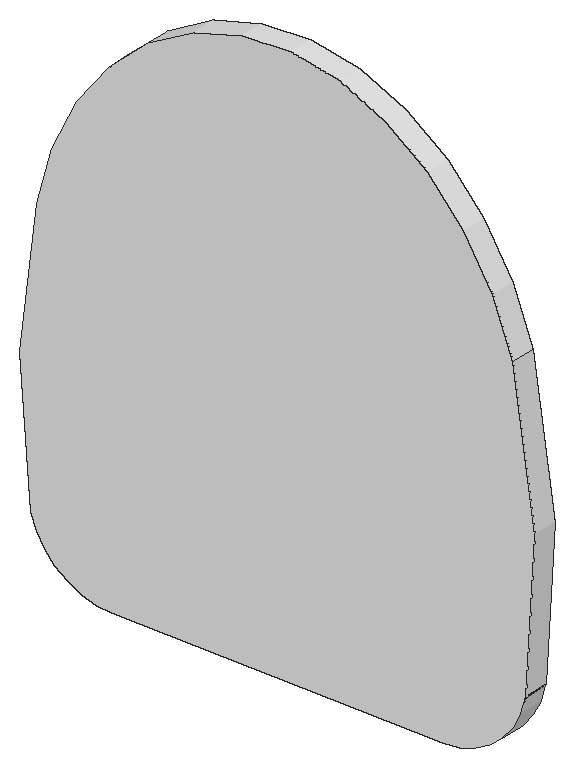
Revit family "Deca_Bacia Sanitária Monte Carlo_P.808_Caixa Acoplada(1)", category Plumbing Fixtures, host Face, Revit 2010
Parameters (values of type "AP.80_Branco Gelo GE17")
  Vendido Separadamente = ""
  Variações de COR = "Branco (AP.80.17), Creme (AP.80.37), Azul (AP.80.51), Verde (AP.80.60), Cinza (AP.80.87)"
  URL = "www.deca.com.br/produtos"
  Segmento = "Médio"
  Produto = "Assento Plástico para linha Monte Carlo"
  Peso Liquido (Kg) = 1.41
  Norma = "Não se Aplica"
  Criado por = "Contino/quattroD"  # constant formula
  Assento Não = no
  Model = "AP.80.17"
  Material = "Deca_Polipropileno"
  Manufacturer = "Deca"
  Louça/Metais = "Louça"
  Linha = "Monte Carlo"
  Informações Complementares = ""
  Description = "Assento Plástico para linha Monte Carlo"
  Código = "AP.80.17"
  Atendimento ao Cliente = "0800-0117073"
  Assento 3D = yes
  Assento = Deca GE17 Branco Gelo Plástico
  Assembly Code = "D2010100"
  Aprovado por = "Contino/quattroD"  # constant formula
  Acompanha o Produto = ""
  AP.81.810 = no
  AP.80 = yes
Types (15, lengths in mm): name | Variações de COR | URL | Segmento | Produto | Peso Liquido (Kg) | Norma | Assento Não | Model | Material | Manufacturer | Louça/Metais | Linha | Description | Código | Atendimento ao Cliente | Assento 3D | Assento | Assembly Code | AP.81.810 | AP.80
  Assento Não | "" | 0 | "" | "" | 0 | "" | yes | "" | "" | 0 | "" | "" | "" | "" | "" | no | none | 0 | no | no
  AP.80_Branco Gelo GE17 | "Branco (AP.80.17), Creme (AP.80.37), Azul (AP.80.51), Verde (AP.80.60), Cinza (AP.80.87)" | "www.deca.com.br/produtos" | "Médio" | "Assento Plástico para linha Monte Carlo" | 1.41 | "Não se Aplica" | no | "AP.80.17" | "Deca_Polipropileno" | "Deca" | "Louça" | "Monte Carlo" | "Assento Plástico para linha Monte Carlo" | "AP.80.17" | "0800-0117073" | yes | Deca GE17 Branco Gelo Plástico | "D2010100" | no | yes
  AP.80_Creme CR37 | "Branco (AP.80.17), Creme (AP.80.37), Azul (AP.80.51), Verde (AP.80.60), Cinza (AP.80.87)" | "www.deca.com.br/produtos" | "Médio" | "Assento Plástico para linha Monte Carlo" | 1.41 | "Não se Aplica" | no | "AP.80.37" | "Deca_Polipropileno" | "Deca" | "Louça" | "Monte Carlo" | "Assento Plástico para linha Monte Carlo" | "AP.80.37" | "0800-0117073" | yes | Deca CR37 Creme Plástico | "D2010100" | no | yes
  AP.80_Cinza Real CZ87 | "Branco (AP.80.17), Creme (AP.80.37), Azul (AP.80.51), Verde (AP.80.60), Cinza (AP.80.87)" | "www.deca.com.br/produtos" | "Médio" | "Assento Plástico para linha Monte Carlo" | 1.41 | "Não se Aplica" | no | "AP.80.87" | "Deca_Polipropileno" | "Deca" | "Louça" | "Monte Carlo" | "Assento Plástico para linha Monte Carlo" | "AP.80.87" | "0800-0117073" | yes | Deca CZ87 Cinza Real Plástico | "D2010100" | no | yes
  AP.80_Azul AZ51 | "Branco (AP.80.17), Creme (AP.80.37), Azul (AP.80.51), Verde (AP.80.60), Cinza (AP.80.87)" | "www.deca.com.br/produtos" | "Médio" | "Assento Plástico para linha Monte Carlo" | 1.41 | "Não se Aplica" | no | "AP.80.51" | "Deca_Polipropileno" | "Deca" | "Louça" | "Monte Carlo" | "Assento Plástico para linha Monte Carlo" | "AP.80.51" | "0800-0117073" | yes | Deca AZ51 Azul Plástico | "D2010100" | no | yes
  AP.80_Verde Malva VD60 | "Branco (AP.80.17), Creme (AP.80.37), Azul (AP.80.51), Verde (AP.80.60), Cinza (AP.80.87)" | "www.deca.com.br/produtos" | "Médio" | "Assento Plástico para linha Monte Carlo" | 1.41 | "Não se Aplica" | no | "AP.80.60" | "Deca_Polipropileno" | "Deca" | "Louça" | "Monte Carlo" | "Assento Plástico para linha Monte Carlo" | "AP.80.60" | "0800-0117073" | yes | Deca VD60 Verde Malva Plástico | "D2010100" | no | yes
  AP.81_Branco Gelo GE17 | "Branco (AP.81.17), Creme (AP.81.37), Cinza (AP.81.87), Ébano (AP.81.95)" | "www.deca.com.br/produtos" | "Médio" | "Assento de Poliester pala linha Monte Carlo - Fixação Cromada" | 3.8 | "Não se Aplica" | no | "AP.81.17" | "Deca_Poliéster e latão cromado" | "Deca" | "Louça" | "Monte Carlo" | "Assento de Poliester pala linha Monte Carlo - Fixação Cromada" | "AP.81.17" | "0800-0117073" | yes | Deca GE17 Branco Gelo Poliéster | "D2010100" | yes | no
  AP.81_Cinza Real CZ87 | "Branco (AP.81.17), Creme (AP.81.37), Cinza (AP.81.87), Ébano (AP.81.95)" | "www.deca.com.br/produtos" | "Médio" | "Assento de Poliester pala linha Monte Carlo - Fixação Cromada" | 3.8 | "Não se Aplica" | no | "AP.81.87" | "Deca_Poliéster e latão cromado" | "Deca" | "Louça" | "Monte Carlo" | "Assento de Poliester pala linha Monte Carlo - Fixação Cromada" | "AP.81.87" | "0800-0117073" | yes | Deca CZ87 Cinza Real Poliéster | "D2010100" | yes | no
  AP.81_Creme CR37 | "Branco (AP.81.17), Creme (AP.81.37), Cinza (AP.81.87), Ébano (AP.81.95)" | "www.deca.com.br/produtos" | "Médio" | "Assento de Poliester pala linha Monte Carlo - Fixação Cromada" | 3.8 | "Não se Aplica" | no | "AP.81.37" | "Deca_Poliéster e latão cromado" | "Deca" | "Louça" | "Monte Carlo" | "Assento de Poliester pala linha Monte Carlo - Fixação Cromada" | "AP.81.37" | "0800-0117073" | yes | Deca CR37 Creme Poliéster | "D2010100" | yes | no
  AP.81_Ébano EB95 | "Branco (AP.81.17), Creme (AP.81.37), Cinza (AP.81.87), Ébano (AP.81.95)" | "www.deca.com.br/produtos" | "Médio" | "Assento de Poliester pala linha Monte Carlo - Fixação Cromada" | 3.8 | "Não se Aplica" | no | "AP.81.95" | "Deca_Poliéster e latão cromado" | "Deca" | "Louça" | "Monte Carlo" | "Assento de Poliester pala linha Monte Carlo - Fixação Cromada" | "AP.81.95" | "0800-0117073" | yes | Deca EB95 Ébano Poliéster | "D2010100" | yes | no
  AP.810_Cinza real CZ87 | "Branco (AP.810.17), Creme (AP.810.37), Cinza (AP.810.87), Ébano (AP.810.95)" | "www.deca.com.br/produtos" | "Médio" | "Assento de Poliester para linha Monte Carlo - Fixação Dourada" | 3.8 | "Não se Aplica" | no | "AP.810.87" | "Deca_Poliéster e latão dourado" | "Deca" | "Louça" | "Monte Carlo" | "Assento de Poliester para linha Monte Carlo - Fixação Dourada" | "AP.810.87" | "0800-0117073" | yes | Deca CZ87 Cinza Real Poliéster | "D2010100" | yes | no
  AP.810_Creme CR37 | "Branco (AP.810.17), Creme (AP.810.37), Cinza (AP.810.87), Ébano (AP.810.95)" | "www.deca.com.br/produtos" | "Médio" | "Assento de Poliester para linha Monte Carlo - Fixação Dourada" | 3.8 | "Não se Aplica" | no | "AP.810.37" | "Deca_Poliéster e latão dourado" | "Deca" | "Louça" | "Monte Carlo" | "Assento de Poliester para linha Monte Carlo - Fixação Dourada" | "AP.810.37" | "0800-0117073" | yes | Deca CR37 Creme Poliéster | "D2010100" | yes | no
  AP.810_Ébano EB95 | "Branco (AP.810.17), Creme (AP.810.37), Cinza (AP.810.87), Ébano (AP.810.95)" | "www.deca.com.br/produtos" | "Médio" | "Assento de Poliester para linha Monte Carlo - Fixação Dourada" | 3.8 | "Não se Aplica" | no | "AP.810.95" | "Deca_Poliéster e latão dourado" | "Deca" | "Louça" | "Monte Carlo" | "Assento de Poliester para linha Monte Carlo - Fixação Dourada" | "AP.810.95" | "0800-0117073" | yes | Deca EB95 Ébano Poliéster | "D2010100" | yes | no
  AP.810_Branco Gelo GE17 | "Branco (AP.810.17), Creme (AP.810.37), Cinza (AP.810.87), Ébano (AP.810.95)" | "www.deca.com.br/produtos" | "Médio" | "Assento de Poliester para linha Monte Carlo - Fixação Dourada" | 3.8 | "Não se Aplica" | no | "AP.810.17" | "Deca_Poliéster e latão dourado" | "Deca" | "Louça" | "Monte Carlo" | "Assento de Poliester para linha Monte Carlo - Fixação Dourada" | "AP.810.17" | "0800-0117073" | yes | Deca GE17 Branco Gelo Poliéster | "D2010100" | yes | no
  AP.81_Cinza Real CZ51 | "Branco (AP.81.17), Creme (AP.81.37), Cinza (AP.81.87), Ébano (AP.81.95)" | "www.deca.com.br/produtos" | "Médio" | "Assento de Poliester pala linha Monte Carlo - Fixação Cromada" | 3.8 | "Não se Aplica" | no | "AP.81.87" | "Deca_Poliéster e latão cromado" | "Deca" | "Louça" | "Monte Carlo" | "Assento de Poliester pala linha Monte Carlo - Fixação Cromada" | "AP.81.87" | "0800-0117073" | yes | Deca CZ87 Cinza Real Poliéster | "D2010100" | yes | no
Reference planes
  plane 1 "Center (Front/Back)": y = 0
  plane 2: z = 0
  plane 3 "Center (Left/Right)": x = 0
  plane 4: x = 0
Forms (mm)
  Extrusion 1, solid, material "Deca GE17 Branco Gelo Plástico" <- "Assento", visible <- "Assento 3D"
    sketch origin (0, -387.066, -206.814) x (1, 0, 0) y (0, 0, 1)
      loop
        arc (189.274, 287.484) -> (196.182, 400.671) -> (179.581, 512.846) r 546.466
        spline (179.581, 512.846) -> (162.779, 556.42) -> (138.403, 594.733) -> (107.593, 625.995) -> (71.788, 648.746) -> (32.661, 661.922) -> (-7.962, 664.909) -> (-48.182, 657.566) -> (-86.12, 640.238) -> (-120.004, 613.732) -> (-148.251, 579.288) -> (-169.542, 538.515) -> (-182.882, 493.317)
        arc (-182.882, 493.317) -> (-195.262, 387.738) -> (-186.968, 281.76) r 546.466
        arc (-186.968, 281.76) -> (-164.278, 247.553) -> (-125.423, 234.314) r 63.64
        line (-125.423, 234.314) -> (126.36, 234.314)
        arc (126.36, 234.314) -> (167.502, 249.401) -> (189.137, 287.507) r 63.64
    from -397.066 to -415.916
Lines and regions (mm)
  Masking region 1, visible <- "AP.80"
    outline origin (0, -380, -172.18) x (0, 1, 0) y (0, 0, 1)
      loop
        line (387.142, 618.829) -> (387.142, 188.143) -> (380, 188.143) -> (380, 156.216) -> (391.783, 156.216) -> (391.783, 180.039) -> (400.602, 185.988)
        arc (400.602, 185.988) -> (420.874, 194.048) -> (430.076, 213.829) r 29.522
        line (430.076, 213.829) -> (430.076, 390.898)
        arc (430.076, 390.898) -> (428.458, 499.913) -> (424.37, 608.864) r 4812.615
        arc (424.37, 608.864) -> (419.167, 614.03) -> (412.017, 615.656) r 13.311
        line (412.017, 615.656) -> (412.017, 209.879) -> (407.35, 216.303) -> (407.35, 611.072)
        arc (407.35, 611.072) -> (398.031, 616.995) -> (387.142, 618.829) r 27.842
  Masking region 2, visible <- "AP.81.810"
    outline origin (0, -380, -216.435) x (0, 1, 0) y (0, 0, 1)
      loop
        line (390, 660.912) -> (390, 292.643) -> (385, 292.643) -> (385, 256.973)
        arc (385, 256.973) -> (386.944, 248.174) -> (392.416, 241.014) r 20.88
        arc (392.416, 241.014) -> (384.4, 234.532) -> (380, 225.21) r 23.113
        line (380, 225.21) -> (380, 203.833) -> (385, 203.833) -> (385, 214.037) -> (388.17, 214.037) -> (388.17, 209.871) -> (396.161, 209.871) -> (396.161, 222.999) -> (388.17, 222.999) -> (388.17, 218.833) -> (385, 218.833) -> (385, 224.634)
        arc (385, 224.634) -> (388.875, 232.102) -> (395.706, 237.014) r 18.113
        arc (395.706, 237.014) -> (406.073, 245.01) -> (410, 257.5) r 21.827
        line (410, 257.5) -> (417.556, 257.5)
        arc (417.556, 257.5) -> (422.82, 259.68) -> (425, 264.944) r 7.444
        line (425, 264.944) -> (425, 653.469)
        arc (425, 653.469) -> (422.82, 658.732) -> (417.556, 660.912) r 7.444
        line (417.556, 660.912) -> (410, 660.912) -> (410, 292.643) -> (405, 292.643) -> (405, 653.469)
        arc (405, 653.469) -> (402.82, 658.732) -> (397.556, 660.912) r 7.444
        line (397.556, 660.912) -> (390, 660.912)
      loop
        arc (397.492, 243.489) -> (403.005, 249.552) -> (405, 257.5) r 16.827
        line (405, 257.5) -> (405, 264.944)
        arc (405, 264.944) -> (402.82, 259.68) -> (397.556, 257.5) r 7.444
        line (397.556, 257.5) -> (390.009, 257.5)
        arc (390.009, 257.5) -> (391.873, 249.492) -> (397.492, 243.489) r 15.88
  Masking region 3, visible <- "AP.80"
    outline origin (-995.363, 0, 30.407) x (1, 0, 0) y (0, 0, 1)
      loop
        arc (1069.541, 400.804) -> (1112.338, 378.202) -> (1137.87, 337.086) r 92.53
        arc (1137.87, 337.086) -> (1167.892, 222.553) -> (1174.732, 104.348) r 597.308
        arc (1174.732, 104.348) -> (1172.251, 69.38) -> (1167.724, 34.617) r 597.308
        arc (1167.724, 34.617) -> (1142.37, -6.672) -> (1095.267, -18.025) r 63.443
        line (1095.267, -18.025) -> (1086.598, -18.025) -> (1086.598, -45.187)
        arc (1086.598, -45.187) -> (1086.486, -46.11) -> (1085.663, -46.542) r 1
        line (1085.663, -46.542) -> (1055.063, -46.542)
        arc (1055.063, -46.542) -> (1054.356, -46.249) -> (1054.063, -45.542) r 1
        line (1054.063, -45.542) -> (1054.063, -16.142)
        arc (1054.063, -16.142) -> (1054.356, -15.435) -> (1055.063, -15.142) r 1
        line (1055.063, -15.142) -> (1060.863, -15.142) -> (1060.863, -10.255) -> (995.363, -10.255) -> (929.863, -10.255) -> (929.863, -15.142) -> (935.663, -15.142)
        arc (935.663, -15.142) -> (936.371, -15.435) -> (936.663, -16.142) r 1
        line (936.663, -16.142) -> (936.663, -45.542)
        arc (936.663, -45.542) -> (936.371, -46.249) -> (935.663, -46.542) r 1
        line (935.663, -46.542) -> (905.063, -46.542)
        arc (905.063, -46.542) -> (904.24, -46.11) -> (904.128, -45.187) r 1
        line (904.128, -45.187) -> (904.128, -18.025) -> (895.46, -18.025)
        arc (895.46, -18.025) -> (848.356, -6.672) -> (823.003, 34.617) r 63.443
        arc (823.003, 34.617) -> (818.475, 69.38) -> (815.995, 104.348) r 597.308
        arc (815.995, 104.348) -> (822.835, 222.553) -> (852.857, 337.086) r 597.308
        arc (852.857, 337.086) -> (878.389, 378.202) -> (921.186, 400.804) r 92.53
        arc (921.186, 400.804) -> (995.428, 409.052) -> (1069.67, 400.804) r 338.269
  Masking region 4, visible <- "AP.81.810"
    outline origin (-964.607, 0, -608.085) x (1, 0, 0) y (0, 0, 1)
      loop
        arc (866.693, 627.688) -> (866.302, 627.85) -> (866.14, 628.241) r 0.553
        line (866.14, 628.241) -> (866.14, 630.185) -> (864.697, 630.185)
        arc (864.697, 630.185) -> (864.191, 630.323) -> (863.824, 630.697) r 1
        arc (863.824, 630.697) -> (862.94, 634.085) -> (863.824, 637.474) r 6.938
        arc (863.824, 637.474) -> (864.191, 637.848) -> (864.697, 637.985) r 1
        line (864.697, 637.985) -> (866.14, 637.985) -> (866.14, 649.254) -> (858.556, 649.247)
        arc (858.556, 649.247) -> (810.594, 664.044) -> (787.694, 708.708) r 64.615
        arc (787.694, 708.708) -> (792.729, 850.621) -> (828.704, 987.99) r 644.816
        arc (828.704, 987.99) -> (851.254, 1021.117) -> (886.214, 1040.705) r 87.441
        arc (886.214, 1040.705) -> (925.289, 1049.019) -> (965.14, 1051.808) r 286.08
        arc (965.14, 1051.808) -> (1004.992, 1049.019) -> (1044.066, 1040.705) r 286.08
        arc (1044.066, 1040.705) -> (1079.027, 1021.117) -> (1101.577, 987.99) r 87.441
        arc (1101.577, 987.99) -> (1137.552, 850.621) -> (1142.587, 708.708) r 644.816
        arc (1142.587, 708.708) -> (1123.395, 667.577) -> (1081.783, 649.45) r 64.133
        line (1081.783, 649.45) -> (1064.098, 649.254) -> (1064.098, 637.985) -> (1065.542, 637.985)
        arc (1065.542, 637.985) -> (1066.048, 637.848) -> (1066.415, 637.474) r 1
        arc (1066.415, 637.474) -> (1067.298, 634.085) -> (1066.415, 630.697) r 6.938
        arc (1066.415, 630.697) -> (1066.048, 630.323) -> (1065.542, 630.185) r 1
        line (1065.542, 630.185) -> (1064.098, 630.185) -> (1064.098, 628.241)
        arc (1064.098, 628.241) -> (1063.937, 627.85) -> (1063.546, 627.688) r 0.553
      loop
        line (1063.598, 627.685) -> (1050.598, 627.685)
        arc (1050.598, 627.685) -> (1050.245, 627.832) -> (1050.098, 628.185) r 0.5
        line (1050.098, 628.185) -> (1050.098, 605.085)
        arc (1050.098, 605.085) -> (1040.098, 595.085) -> (1030.098, 605.085) r 10
        line (1030.098, 605.085) -> (1030.098, 628.185)
        arc (1030.098, 628.185) -> (1029.952, 627.832) -> (1029.598, 627.685) r 0.5
        line (1029.598, 627.685) -> (1016.598, 627.685)
        arc (1016.598, 627.685) -> (1016.245, 627.832) -> (1016.098, 628.185) r 0.5
        line (1016.098, 628.185) -> (1016.098, 630.185) -> (1014.655, 630.185)
        arc (1014.655, 630.185) -> (1014.149, 630.323) -> (1013.782, 630.697) r 1
        arc (1013.782, 630.697) -> (1013.123, 632.334) -> (1012.898, 634.085) r 6.938
        arc (1012.898, 634.085) -> (1013.123, 635.836) -> (1013.782, 637.474) r 6.938
        arc (1013.782, 637.474) -> (1014.149, 637.848) -> (1014.655, 637.985) r 1
        line (1014.655, 637.985) -> (1016.098, 637.985) -> (1016.098, 649.349) -> (914.14, 649.349) -> (914.14, 637.985) -> (915.584, 637.985)
        arc (915.584, 637.985) -> (916.09, 637.848) -> (916.457, 637.474) r 1
        arc (916.457, 637.474) -> (917.116, 635.836) -> (917.34, 634.085) r 6.938
        arc (917.34, 634.085) -> (917.116, 632.334) -> (916.457, 630.697) r 6.938
        arc (916.457, 630.697) -> (916.09, 630.323) -> (915.584, 630.185) r 1
        line (915.584, 630.185) -> (914.14, 630.185) -> (914.14, 628.185)
        arc (914.14, 628.185) -> (913.994, 627.832) -> (913.64, 627.685) r 0.5
        line (913.64, 627.685) -> (900.64, 627.685)
        arc (900.64, 627.685) -> (900.287, 627.832) -> (900.14, 628.185) r 0.5
        line (900.14, 628.185) -> (900.14, 605.085)
        arc (900.14, 605.085) -> (890.14, 595.085) -> (880.14, 605.085) r 10
        line (880.14, 605.085) -> (880.14, 628.185)
        arc (880.14, 628.185) -> (879.994, 627.832) -> (879.64, 627.685) r 0.5
        line (879.64, 627.685) -> (866.64, 627.685)
  Masking region 5, visible <- "AP.81.810"
    outline origin (0, -380, 0) x (1, 0, 0) y (0, 1, 0)
      loop
        line (-180, 390) -> (180, 390)
        arc (180, 390) -> (179.461, 397.97) -> (173.899, 403.703) r 11.606
        line (173.899, 403.703) -> (-173.899, 403.703)
        arc (-173.899, 403.703) -> (-179.461, 397.97) -> (-180, 390) r 11.606
      loop
        line (-173.899, 410.571) -> (173.899, 410.571)
        arc (173.899, 410.571) -> (175.262, 419.624) -> (168.399, 425.682) r 9.573
        line (168.399, 425.682) -> (-168.399, 425.682)
        arc (-168.399, 425.682) -> (-175.262, 419.624) -> (-173.899, 410.571) r 9.573
  Masking region 6, visible <- "AP.80"
    outline origin (0, -379.924, 0) x (1, 0, 0) y (0, 1, 0)
      loop
        arc (-163.18, 421.6) -> (-169.133, 416.539) -> (-170, 408.774) r 10.598
        line (-170, 408.774) -> (170, 408.774)
        arc (170, 408.774) -> (169.133, 416.539) -> (163.18, 421.6) r 10.598
        arc (163.18, 421.6) -> (0, 430) -> (-163.18, 421.6) r 1589.132
      loop
        arc (177.5, 387.066) -> (176.481, 396.192) -> (171.665, 404.011) r 21.005
        line (171.665, 404.011) -> (-171.665, 404.011)
        arc (-171.665, 404.011) -> (-176.481, 396.192) -> (-177.5, 387.066) r 21.005
        line (-177.5, 387.066) -> (177.5, 387.066)
  symbolic lines, visible <- "AP.80"
    curve 1: line (0, 32.017, 37.7) -> (0, 42.396, 23.416)
    curve 2: line (0, 7.142, 37.912) -> (0, 24.47, 14.063)
    curve 3: line (0, 11.783, 15.964) -> (0, 0, 15.964)
    curve 4: line (0, 11.783, 7.86) -> (0, 11.783, 15.964)
    curve 9: arc (-168.431, 0, 63.696) -> (-176.594, 0, 159.943) -> (-168.431, 0, 256.189) r 571.445
    curve 10: arc (-168.431, 0, 256.189) -> (-155.282, 0, 319.677) -> (-132.789, 0, 380.485) r 432.458
    curve 11: arc (-132.789, 0, 380.485) -> (-107.287, 0, 412.204) -> (-69.767, 0, 427.976) r 82.952
    curve 12: arc (-69.767, 0, 427.976) -> (-0.025, 0, 434.013) -> (69.717, 0, 427.976) r 405.864
    curve 13: arc (69.717, 0, 427.976) -> (106.692, 0, 412.042) -> (132.492, 0, 381.133) r 86.752
    curve 14: line (-116.27, 0, 20.152) -> (-65.449, 0, 20.152)
    curve 15: line (116.27, 0, 20.152) -> (85.491, 0, 20.152)
    curve 16: arc (168.431, 0, 63.696) -> (176.594, 0, 159.943) -> (168.431, 0, 256.189) r 571.445
    curve 17: arc (168.431, 0, 256.189) -> (155.183, 0, 320.02) -> (132.492, 0, 381.133) r 432.458
    curve 18: arc (132.789, 0, 380.485) -> (107.287, 0, 412.204) -> (69.767, 0, 427.976) r 82.952
    curve 19: line (-99.904, 0, 20.152) -> (-99.904, 0, 13.343)
    curve 20: arc (-99.904, 0, 13.343) -> (-100.197, 0, 12.636) -> (-100.904, 0, 12.343) r 1
    curve 21: line (-98.904, 0, 20.152) -> (-98.904, 0, 13.382)
    curve 22: arc (-97.904, 0, 12.382) -> (-98.611, 0, 12.675) -> (-98.904, 0, 13.382) r 1
    curve 23: line (-91.235, 0, 12.381) -> (-87.451, 0, 12.381)
    curve 24: arc (-87.451, 0, 12.381) -> (-86.711, 0, 12.688) -> (-86.404, 0, 13.429) r 1.047
    curve 25: line (-86.404, 0, 13.429) -> (-86.404, 0, 20.152)
    curve 26: line (-85.6, 0, 20.152) -> (-85.6, 0, 17.465)
    curve 27: line (-85.6, 0, 17.465) -> (-84.5, 0, 15.894)
    curve 28: line (-84.5, 0, 15.894) -> (-84.5, 0, 6.757)
    curve 29: arc (-84.5, 0, 6.337) -> (-84.205, 0, 5.625) -> (-83.493, 0, 5.33) r 1.007
    curve 30: line (-83.493, 0, 5.33) -> (-66.549, 0, 5.33)
    curve 31: arc (-66.549, 0, 5.33) -> (-65.827, 0, 5.617) -> (-65.5, 0, 6.321) r 1.051
    curve 32: line (-65.5, 0, 15.265) -> (-65.5, 0, 6.321)
    curve 33: line (116.27, 0, 20.152) -> (65.491, 0, 20.152)
    curve 34: line (99.904, 0, 20.152) -> (99.904, 0, 13.343)
    curve 35: arc (99.904, 0, 13.343) -> (100.197, 0, 12.636) -> (100.904, 0, 12.343) r 1
    curve 36: line (98.904, 0, 20.152) -> (98.904, 0, 13.382)
    curve 37: arc (97.904, 0, 12.382) -> (98.611, 0, 12.675) -> (98.904, 0, 13.382) r 1
    curve 38: line (91.235, 0, 12.381) -> (87.451, 0, 12.381)
    curve 39: arc (87.451, 0, 12.381) -> (86.711, 0, 12.688) -> (86.404, 0, 13.429) r 1.047
    curve 40: line (86.404, 0, 13.429) -> (86.404, 0, 20.152)
    curve 41: line (85.6, 0, 20.152) -> (85.6, 0, 17.465)
    curve 42: line (85.6, 0, 17.465) -> (84.5, 0, 15.894)
    curve 43: line (84.5, 0, 15.894) -> (84.5, 0, 6.757)
    curve 44: arc (84.5, 0, 6.337) -> (84.205, 0, 5.625) -> (83.493, 0, 5.33) r 1.007
    curve 45: line (83.493, 0, 5.33) -> (66.549, 0, 5.33)
    curve 46: arc (66.549, 0, 5.33) -> (65.827, 0, 5.617) -> (65.5, 0, 6.321) r 1.051
    curve 47: line (65.5, 0, 15.265) -> (65.5, 0, 6.321)
    curve 92: arc (-168.431, 0, 63.696) -> (-150.244, 0, 32.469) -> (-116.27, 0, 20.152) r 53.013
    curve 93: arc (116.27, 0, 20.152) -> (150.244, 0, 32.469) -> (168.431, 0, 63.696) r 53.013
  symbolic lines, visible <- "AP.81.810"
    curve 5: line (0, 10, 41.065) -> (0, 10, 76.208)
    curve 6: line (0, 25, 76.208) -> (0, 25, 48.509)
    curve 7: line (0, 30, 76.208) -> (0, 30, 41.065)
    curve 8: line (0, 5, 2.398) -> (0, 5, -2.398)
    curve 48: arc (-131.957, 0, 375.508) -> (-109.452, 0, 408.799) -> (-74.378, 0, 428.411) r 86.92
    curve 49: arc (-172.131, 0, 101.477) -> (-166.87, 0, 240.666) -> (-131.957, 0, 375.508) r 647.346
    curve 50: arc (-74.378, 0, 428.411) -> (-37.283, 0, 436.198) -> (0.533, 0, 438.759) r 272.313
    curve 51: arc (75.444, 0, 428.411) -> (110.518, 0, 408.799) -> (133.022, 0, 375.508) r 86.92
    curve 52: arc (133.022, 0, 375.508) -> (167.936, 0, 240.666) -> (173.197, 0, 101.477) r 647.346
    curve 53: arc (117.176, 0, 41.364) -> (155.821, 0, 61.51) -> (173.197, 0, 101.477) r 65.327
    curve 54: arc (-172.131, 0, 101.477) -> (-155.192, 0, 61.768) -> (-117.332, 0, 41.024) r 66.001
    curve 55: line (-84.467, 0, 20.152) -> (-84.467, 0, 41.268)
    curve 56: line (-64.467, 0, 20.1) -> (-64.467, 0, 41.268)
    curve 57: line (-97.967, 0, 32.437) -> (-84.967, 0, 32.437)
    curve 58: arc (-98.467, 0, 31.938) -> (-98.321, 0, 32.291) -> (-97.967, 0, 32.437) r 0.5
    curve 59: arc (-84.967, 0, 32.437) -> (-84.615, 0, 32.293) -> (-84.467, 0, 31.943) r 0.5
    curve 60: line (-64.967, 0, 30.4) -> (-83.967, 0, 30.4)
    curve 61: arc (-64.467, 0, 31.943) -> (-64.319, 0, 32.293) -> (-63.967, 0, 32.437) r 0.5
    curve 62: arc (-50.967, 0, 32.437) -> (-50.613, 0, 32.291) -> (-50.467, 0, 31.938) r 0.5
    curve 63: line (-64.967, 0, 20.422) -> (-64.967, 0, 30.4)
    curve 64: line (-83.967, 0, 30.4) -> (-83.967, 0, 20.422)
    curve 65: line (-83.967, 0, 21.667) -> (-64.967, 0, 21.667)
    curve 66: line (-64.967, 0, 20.422) -> (-83.967, 0, 20.422)
    curve 67: arc (-79.687, 0, 2.852) -> (-71.616, 0, 5.22) -> (-69.247, 0, -2.852) r 5.948
    curve 68: arc (-69.247, 0, -2.852) -> (-77.319, 0, -5.22) -> (-79.687, 0, 2.852) r 5.948
    curve 69: line (-98.467, 0, 41.169) -> (-50.68, 0, 41.169)
    curve 70: line (-63.967, 0, 32.437) -> (-50.967, 0, 32.437)
    curve 71: line (-50.467, 0, 29.9) -> (-50.467, 0, 22.1)
    curve 72: line (-98.467, 0, 29.9) -> (-98.467, 0, 22.1)
    curve 73: line (85.491, 0, 20.152) -> (85.491, 0, 41.268)
    curve 74: line (65.491, 0, 20.152) -> (65.491, 0, 41.268)
    curve 75: line (98.991, 0, 32.437) -> (85.991, 0, 32.437)
    curve 76: arc (99.491, 0, 31.938) -> (99.345, 0, 32.291) -> (98.991, 0, 32.437) r 0.5
    curve 77: arc (85.991, 0, 32.437) -> (85.639, 0, 32.293) -> (85.491, 0, 31.943) r 0.5
    curve 78: line (65.991, 0, 30.4) -> (84.991, 0, 30.4)
    curve 79: arc (65.491, 0, 31.943) -> (65.343, 0, 32.293) -> (64.991, 0, 32.437) r 0.5
    curve 80: arc (51.991, 0, 32.437) -> (51.637, 0, 32.291) -> (51.491, 0, 31.938) r 0.5
    curve 81: line (65.991, 0, 20.422) -> (65.991, 0, 30.4)
    curve 82: line (84.991, 0, 30.4) -> (84.991, 0, 20.422)
    curve 83: line (84.991, 0, 21.667) -> (65.991, 0, 21.667)
    curve 84: line (65.991, 0, 20.422) -> (84.991, 0, 20.422)
    curve 85: arc (80.711, 0, 2.852) -> (72.64, 0, 5.22) -> (70.271, 0, -2.852) r 5.948
    curve 86: arc (70.271, 0, -2.852) -> (78.343, 0, -5.22) -> (80.711, 0, 2.852) r 5.948
    curve 87: line (99.491, 0, 41.169) -> (51.704, 0, 41.169)
    curve 88: line (64.991, 0, 32.437) -> (51.991, 0, 32.437)
    curve 89: line (51.491, 0, 29.9) -> (51.491, 0, 22.1)
    curve 90: line (99.491, 0, 29.9) -> (99.491, 0, 22.1)
    curve 91: arc (0.533, 0, 438.759) -> (38.349, 0, 436.198) -> (75.444, 0, 428.411) r 272.313
  symbolic lines, visible <- "Assento Não"
    curve 94: arc (0, 0, 407.037) -> (-40.426, 0, 403.755) -> (-79.789, 0, 393.978) r 249.923
    curve 95: arc (-79.789, 0, 393.978) -> (-99.477, 0, 381.509) -> (-111.19, 0, 361.362) r 49.053
    curve 96: arc (-111.19, 0, 361.362) -> (-131.391, 0, 268.047) -> (-137.693, 0, 172.779) r 649.503
    curve 97: arc (-137.693, 0, 172.779) -> (-114.694, 0, 121.745) -> (-65.476, 0, 95.081) r 87.538
    curve 98: arc (-65.476, 0, 95.081) -> (-32.858, 0, 90.926) -> (0, 0, 89.68) r 370.576
    curve 99: arc (-33.984, 0, 188.11) -> (-29.205, 0, 203.463) -> (-15.238, 0, 211.428) r 21.928
    curve 100: arc (-15.238, 0, 211.428) -> (0.008, 0, 212.519) -> (15.254, 0, 211.428) r 107.072
    curve 101: arc (15.254, 0, 211.428) -> (29.174, 0, 203.522) -> (34.012, 0, 188.262) r 21.928
    curve 102: arc (-28.456, 0, 113.178) -> (-25.997, 0, 109.962) -> (-22.52, 0, 107.89) r 10.696
    curve 103: arc (-22.52, 0, 107.89) -> (0, 0, 106.844) -> (22.52, 0, 107.89) r 243.128
    curve 104: arc (-33.984, 0, 188.11) -> (-29.249, 0, 150.79) -> (-28.456, 0, 113.178) r 358.078
    curve 105: arc (28.456, 0, 113.178) -> (25.997, 0, 109.962) -> (22.52, 0, 107.89) r 10.696
    curve 106: arc (34.012, 0, 188.262) -> (29.255, 0, 150.867) -> (28.456, 0, 113.178) r 358.078
    curve 107: arc (0, 0, 407.037) -> (40.426, 0, 403.755) -> (79.789, 0, 393.978) r 249.923
    curve 108: arc (79.789, 0, 393.978) -> (99.477, 0, 381.509) -> (111.19, 0, 361.362) r 49.053
    curve 109: arc (111.19, 0, 361.362) -> (131.391, 0, 268.047) -> (137.693, 0, 172.779) r 649.503
    curve 110: arc (137.693, 0, 172.779) -> (114.694, 0, 121.745) -> (65.476, 0, 95.081) r 87.538
    curve 111: arc (65.476, 0, 95.081) -> (32.858, 0, 90.926) -> (0, 0, 89.68) r 370.576
    curve 112: circle (-74.491, 0, -0.063) r 7.5 normal (0, 1, 0)
    curve 113: circle (75.116, 0, -0.063) r 7.5 normal (0, 1, 0)
    curve 114: arc (0, 0, 416.847) -> (-41.698, 0, 413.49) -> (-82.338, 0, 403.571) r 263.266
    curve 115: arc (-82.338, 0, 403.571) -> (-109.125, 0, 385.749) -> (-123.045, 0, 356.744) r 60.718
    curve 116: arc (-123.045, 0, 356.744) -> (-140.644, 0, 277.551) -> (-147.733, 0, 196.736) r 618.863
    curve 117: arc (-66.741, 0, 85.261) -> (-129.741, 0, 124.649) -> (-147.733, 0, 196.736) r 99.229
    curve 118: arc (0, 0, 79.837) -> (-33.479, 0, 81.075) -> (-66.778, 0, 84.751) r 459.276
    curve 119: arc (0, 0, 416.847) -> (41.698, 0, 413.49) -> (82.338, 0, 403.571) r 263.266
    curve 120: arc (82.338, 0, 403.571) -> (109.125, 0, 385.749) -> (123.045, 0, 356.744) r 60.718
    curve 121: arc (123.045, 0, 356.744) -> (140.644, 0, 277.551) -> (147.733, 0, 196.736) r 618.863
    curve 122: arc (66.741, 0, 85.261) -> (129.741, 0, 124.649) -> (147.733, 0, 196.736) r 99.229
    curve 123: arc (0, 0, 79.837) -> (33.479, 0, 81.075) -> (66.778, 0, 84.751) r 459.276
Types in the file's own list only (12): name | WFU | Vendido Separadamente | Variações de COR | Raio Água Fria | Raio Ponto de Esgoto | Produto | Pressão | Peso Liquido (Kg) | Norma | Model | Material | Flow Pressure | Diâmetro Água Fria | Diâmetro Ponto de Esgoto | Description | Default Elevation | Código | Consumo | Caixa - Family | Caixa | CWFU | Bacia | Atendimento ao Cliente
  P.808_Branco Gelo GE17_Dual Flux 3/6plf | 0 | "Anel de vedação: (AV.90.01 ); Ligação Flexível: 30 cm (4607.C.030), 40 cm (4607.C.040), 50 cm (4607.C.050). Parafuso de fixação: Cromado (SP.121.01).  Assentos Compatíveis:    Assento Plástico: Branco (AP.80.17), Creme (AP.80.37); Azul (AP.8051); Verde (AP.80.60);  Cinza (AP.80.87).  Assento termofico Slow Close e Easy Clean:  Branco (AP.816.17), Creme (AP.816.37);Cinza (AP.816.87), Ébano (AP.816.95).    Assento Poliéster - Fixação Cromada: Branco (AP.81.17), Creme (AP.81.37), Cinza (AP.81.87), Ébano (AP.81.95). Assento Poliéster - Fixação Dourada: Branco(AP.810.17), Creme(AP.810.37), Cinza(AP.810.87),Ébano (AP.810.95)." | "Branco (P.808.17); Creme (P.808.37); Azul (P.808.51); Verde (P.808.60); Cinza (P.808.87); Ébano (P.808.95)." | 8 mm | 50 mm | "Bacia sanitária para caixa acoplada linha Monte Carlo" | "2 a 40 mca" | 23.9 | "ABNT NBR 15097-1: 2011 / ABNT NBR 15097-2: 2011" | "P.808.17" | "Deca_Vitreous China" | 0.00 psi | 15 mm | 100 mm | "Bacia sanitária com caixa acoplada" | 0 mm | "P.808.17" | "6 lpf" | Deca_Shared_Caixa Acoplada para Bacia_P.808 : CD.01F_Branco Gelo GE17 | Deca GE17 Branco Gelo Cerâmica | 0 | Deca GE17 Branco Gelo Cerâmica | "0800-011-7073"
  P.808_Branco Gelo GE17_Acionamento Simples 6lpf | 0 | "Anel de vedação: (AV.90.01 ); Ligação Flexível: 30 cm (4607.C.030), 40 cm (4607.C.040), 50 cm (4607.C.050). Parafuso de fixação: Cromado (SP.121.01).  Assentos Compatíveis:    Assento Plástico: Branco (AP.80.17), Creme (AP.80.37); Azul (AP.8051); Verde (AP.80.60);  Cinza (AP.80.87).  Assento termofico Slow Close e Easy Clean:  Branco (AP.816.17), Creme (AP.816.37);Cinza (AP.816.87), Ébano (AP.816.95).    Assento Poliéster - Fixação Cromada: Branco (AP.81.17), Creme (AP.81.37), Cinza (AP.81.87), Ébano (AP.81.95). Assento Poliéster - Fixação Dourada: Branco(AP.810.17), Creme(AP.810.37), Cinza(AP.810.87),Ébano (AP.810.95)." | "Branco (P.808.17); Creme (P.808.37); Azul (P.808.51); Verde (P.808.60); Cinza (P.808.87); Ébano (P.808.95)." | 8 mm | 50 mm | "Bacia sanitária para caixa acoplada linha Monte Carlo" | "2 a 40 mca" | 23.9 | "ABNT NBR 15097-1: 2011 / ABNT NBR 15097-2: 2011" | "P.808.17" | "Deca_Vitreous China" | 0.00 psi | 15 mm | 100 mm | "Bacia sanitária com caixa acoplada" | 0 mm | "P.808.17" | "6 lpf" | Deca_Shared_Caixa Acoplada para Bacia_P.808 : CD.01_Branco Gelo GE17 | Deca GE17 Branco Gelo Cerâmica | 0 | Deca GE17 Branco Gelo Cerâmica | "0800-011-7073"
  P.808_Cinza Real CZ87_Acionamento Simples 6lpf | 0 | "Anel de vedação: (AV.90.01 ); Ligação Flexível: 30 cm (4607.C.030), 40 cm (4607.C.040), 50 cm (4607.C.050). Parafuso de fixação: Cromado (SP.121.01).  Assentos Compatíveis:    Assento Plástico: Branco (AP.80.17), Creme (AP.80.37); Azul (AP.8051); Verde (AP.80.60);  Cinza (AP.80.87).  Assento termofico Slow Close e Easy Clean:  Branco (AP.816.17), Creme (AP.816.37);Cinza (AP.816.87), Ébano (AP.816.95).    Assento Poliéster - Fixação Cromada: Branco (AP.81.17), Creme (AP.81.37), Cinza (AP.81.87), Ébano (AP.81.95). Assento Poliéster - Fixação Dourada: Branco(AP.810.17), Creme(AP.810.37), Cinza(AP.810.87),Ébano (AP.810.95)." | "Branco (P.808.17); Creme (P.808.37); Azul (P.808.51); Verde (P.808.60); Cinza (P.808.87); Ébano (P.808.95)." | 8 mm | 50 mm | "Bacia sanitária para caixa acoplada linha Monte Carlo" | "2 a 40 mca" | 23.9 | "ABNT NBR 15097-1: 2011 / ABNT NBR 15097-2: 2011" | "P.808.87" | "Deca_Vitreous China" | 0.00 psi | 15 mm | 100 mm | "Bacia sanitária com caixa acoplada" | 0 mm | "P.808.87" | "6 lpf" | Deca_Shared_Caixa Acoplada para Bacia_P.808 : CD.01_Cinza Real CZ87 | Deca CZ87 Cinza Real Cerâmica | 0 | Deca CZ87 Cinza Real Cerâmica | "0800-011-7073"
  P.808_Cinza Real CZ87_Dual Flux 3/6plf | 0 | "Anel de vedação: (AV.90.01 ); Ligação Flexível: 30 cm (4607.C.030), 40 cm (4607.C.040), 50 cm (4607.C.050). Parafuso de fixação: Cromado (SP.121.01).  Assentos Compatíveis:    Assento Plástico: Branco (AP.80.17), Creme (AP.80.37); Azul (AP.8051); Verde (AP.80.60);  Cinza (AP.80.87).  Assento termofico Slow Close e Easy Clean:  Branco (AP.816.17), Creme (AP.816.37);Cinza (AP.816.87), Ébano (AP.816.95).    Assento Poliéster - Fixação Cromada: Branco (AP.81.17), Creme (AP.81.37), Cinza (AP.81.87), Ébano (AP.81.95). Assento Poliéster - Fixação Dourada: Branco(AP.810.17), Creme(AP.810.37), Cinza(AP.810.87),Ébano (AP.810.95)." | "Branco (P.808.17); Creme (P.808.37); Azul (P.808.51); Verde (P.808.60); Cinza (P.808.87); Ébano (P.808.95)." | 8 mm | 50 mm | "Bacia sanitária para caixa acoplada linha Monte Carlo" | "2 a 40 mca" | 23.9 | "ABNT NBR 15097-1: 2011 / ABNT NBR 15097-2: 2011" | "P.808.87" | "Deca_Vitreous China" | 0.00 psi | 15 mm | 100 mm | "Bacia sanitária com caixa acoplada" | 0 mm | "P.808.87" | "6 lpf" | Deca_Shared_Caixa Acoplada para Bacia_P.808 : CD.01F_Cinza Real CZ87 | Deca CZ87 Cinza Real Cerâmica | 0 | Deca CZ87 Cinza Real Cerâmica | "0800-011-7073"
  P.808_Azul AZ51_Dual Flux 3/6plf | 0 | "Anel de vedação: (AV.90.01 ); Ligação Flexível: 30 cm (4607.C.030), 40 cm (4607.C.040), 50 cm (4607.C.050). Parafuso de fixação: Cromado (SP.121.01).  Assentos Compatíveis:    Assento Plástico: Branco (AP.80.17), Creme (AP.80.37); Azul (AP.8051); Verde (AP.80.60);  Cinza (AP.80.87).  Assento termofico Slow Close e Easy Clean:  Branco (AP.816.17), Creme (AP.816.37);Cinza (AP.816.87), Ébano (AP.816.95).    Assento Poliéster - Fixação Cromada: Branco (AP.81.17), Creme (AP.81.37), Cinza (AP.81.87), Ébano (AP.81.95). Assento Poliéster - Fixação Dourada: Branco(AP.810.17), Creme(AP.810.37), Cinza(AP.810.87),Ébano (AP.810.95)." | "Branco (P.808.17); Creme (P.808.37); Azul (P.808.51); Verde (P.808.60); Cinza (P.808.87); Ébano (P.808.95)." | 8 mm | 50 mm | "Bacia sanitária para caixa acoplada linha Monte Carlo" | "2 a 40 mca" | 23.9 | "ABNT NBR 15097-1: 2011 / ABNT NBR 15097-2: 2011" | "P.808.51" | "Deca_Vitreous China" | 0.00 psi | 15 mm | 100 mm | "Bacia sanitária com caixa acoplada" | 0 mm | "P.808.51" | "6 lpf" | Deca_Shared_Caixa Acoplada para Bacia_P.808 : CD.01F_Azul AZ51 | Deca AZ51 Azul Cerâmica | 0 | Deca AZ51 Azul Cerâmica | "0800-011-7073"
  P.808_Azul AZ51_Acionamento Simples 6lpf | 0 | "Anel de vedação: (AV.90.01 ); Ligação Flexível: 30 cm (4607.C.030), 40 cm (4607.C.040), 50 cm (4607.C.050). Parafuso de fixação: Cromado (SP.121.01).  Assentos Compatíveis:    Assento Plástico: Branco (AP.80.17), Creme (AP.80.37); Azul (AP.8051); Verde (AP.80.60);  Cinza (AP.80.87).  Assento termofico Slow Close e Easy Clean:  Branco (AP.816.17), Creme (AP.816.37);Cinza (AP.816.87), Ébano (AP.816.95).    Assento Poliéster - Fixação Cromada: Branco (AP.81.17), Creme (AP.81.37), Cinza (AP.81.87), Ébano (AP.81.95). Assento Poliéster - Fixação Dourada: Branco(AP.810.17), Creme(AP.810.37), Cinza(AP.810.87),Ébano (AP.810.95)." | "Branco (P.808.17); Creme (P.808.37); Azul (P.808.51); Verde (P.808.60); Cinza (P.808.87); Ébano (P.808.95)." | 8 mm | 50 mm | "Bacia sanitária para caixa acoplada linha Monte Carlo" | "2 a 40 mca" | 23.9 | "ABNT NBR 15097-1: 2011 / ABNT NBR 15097-2: 2011" | "P.808.51" | "Deca_Vitreous China" | 0.00 psi | 15 mm | 100 mm | "Bacia sanitária com caixa acoplada" | 0 mm | "P.808.51" | "6 lpf" | Deca_Shared_Caixa Acoplada para Bacia_P.808 : CD.01_Azul AZ51 | Deca AZ51 Azul Cerâmica | 0 | Deca AZ51 Azul Cerâmica | "0800-011-7073"
  P.808_Creme CR37_Acionamento Simples 6lpf | 0 | "Anel de vedação: (AV.90.01 ); Ligação Flexível: 30 cm (4607.C.030), 40 cm (4607.C.040), 50 cm (4607.C.050). Parafuso de fixação: Cromado (SP.121.01).  Assentos Compatíveis:    Assento Plástico: Branco (AP.80.17), Creme (AP.80.37); Azul (AP.8051); Verde (AP.80.60);  Cinza (AP.80.87).  Assento termofico Slow Close e Easy Clean:  Branco (AP.816.17), Creme (AP.816.37);Cinza (AP.816.87), Ébano (AP.816.95).    Assento Poliéster - Fixação Cromada: Branco (AP.81.17), Creme (AP.81.37), Cinza (AP.81.87), Ébano (AP.81.95). Assento Poliéster - Fixação Dourada: Branco(AP.810.17), Creme(AP.810.37), Cinza(AP.810.87),Ébano (AP.810.95)." | "Branco (P.808.17); Creme (P.808.37); Azul (P.808.51); Verde (P.808.60); Cinza (P.808.87); Ébano (P.808.95)." | 8 mm | 50 mm | "Bacia sanitária para caixa acoplada linha Monte Carlo" | "2 a 40 mca" | 23.9 | "ABNT NBR 15097-1: 2011 / ABNT NBR 15097-2: 2011" | "P.808.37" | "Deca_Vitreous China" | 0.00 psi | 15 mm | 100 mm | "Bacia sanitária com caixa acoplada" | 0 mm | "P.808.37" | "6 lpf" | Deca_Shared_Caixa Acoplada para Bacia_P.808 : CD.01_Creme CR37 | Deca CR37 Creme Cerâmica | 0 | Deca CR37 Creme Cerâmica | "0800-011-7073"
  P.808_Creme CR37_Dual Flux 3/6plf | 0 | "Anel de vedação: (AV.90.01 ); Ligação Flexível: 30 cm (4607.C.030), 40 cm (4607.C.040), 50 cm (4607.C.050). Parafuso de fixação: Cromado (SP.121.01).  Assentos Compatíveis:    Assento Plástico: Branco (AP.80.17), Creme (AP.80.37); Azul (AP.8051); Verde (AP.80.60);  Cinza (AP.80.87).  Assento termofico Slow Close e Easy Clean:  Branco (AP.816.17), Creme (AP.816.37);Cinza (AP.816.87), Ébano (AP.816.95).    Assento Poliéster - Fixação Cromada: Branco (AP.81.17), Creme (AP.81.37), Cinza (AP.81.87), Ébano (AP.81.95). Assento Poliéster - Fixação Dourada: Branco(AP.810.17), Creme(AP.810.37), Cinza(AP.810.87),Ébano (AP.810.95)." | "Branco (P.808.17); Creme (P.808.37); Azul (P.808.51); Verde (P.808.60); Cinza (P.808.87); Ébano (P.808.95)." | 8 mm | 50 mm | "Bacia sanitária para caixa acoplada linha Monte Carlo" | "2 a 40 mca" | 23.9 | "ABNT NBR 15097-1: 2011 / ABNT NBR 15097-2: 2011" | "P.808.37" | "Deca_Vitreous China" | 0.00 psi | 15 mm | 100 mm | "Bacia sanitária com caixa acoplada" | 0 mm | "P.808.37" | "6 lpf" | Deca_Shared_Caixa Acoplada para Bacia_P.808 : CD.01F_Creme CR37 | Deca CR37 Creme Cerâmica | 0 | Deca CR37 Creme Cerâmica | "0800-011-7073"
  P.808_Ébano EB95_Dual Flux 3/6plf | 0 | "Anel de vedação: (AV.90.01 ); Ligação Flexível: 30 cm (4607.C.030), 40 cm (4607.C.040), 50 cm (4607.C.050). Parafuso de fixação: Cromado (SP.121.01).  Assentos Compatíveis:    Assento Plástico: Branco (AP.80.17), Creme (AP.80.37); Azul (AP.8051); Verde (AP.80.60);  Cinza (AP.80.87).  Assento termofico Slow Close e Easy Clean:  Branco (AP.816.17), Creme (AP.816.37);Cinza (AP.816.87), Ébano (AP.816.95).    Assento Poliéster - Fixação Cromada: Branco (AP.81.17), Creme (AP.81.37), Cinza (AP.81.87), Ébano (AP.81.95). Assento Poliéster - Fixação Dourada: Branco(AP.810.17), Creme(AP.810.37), Cinza(AP.810.87),Ébano (AP.810.95)." | "Branco (P.808.17); Creme (P.808.37); Azul (P.808.51); Verde (P.808.60); Cinza (P.808.87); Ébano (P.808.95)." | 8 mm | 50 mm | "Bacia sanitária para caixa acoplada linha Monte Carlo" | "2 a 40 mca" | 23.9 | "ABNT NBR 15097-1: 2011 / ABNT NBR 15097-2: 2011" | "P.808.95" | "Deca_Vitreous China" | 0.00 psi | 15 mm | 100 mm | "Bacia sanitária com caixa acoplada" | 0 mm | "P.808.95" | "6 lpf" | Deca_Shared_Caixa Acoplada para Bacia_P.808 : CD.01F_Ébano EB95 | Deca EB95 Ébano Cerâmica | 0 | Deca EB95 Ébano Cerâmica | "0800-011-7073"
  P.808_Ébano EB95_Acionamento Simples 6lpf | 0 | "Anel de vedação: (AV.90.01 ); Ligação Flexível: 30 cm (4607.C.030), 40 cm (4607.C.040), 50 cm (4607.C.050). Parafuso de fixação: Cromado (SP.121.01).  Assentos Compatíveis:    Assento Plástico: Branco (AP.80.17), Creme (AP.80.37); Azul (AP.8051); Verde (AP.80.60);  Cinza (AP.80.87).  Assento termofico Slow Close e Easy Clean:  Branco (AP.816.17), Creme (AP.816.37);Cinza (AP.816.87), Ébano (AP.816.95).    Assento Poliéster - Fixação Cromada: Branco (AP.81.17), Creme (AP.81.37), Cinza (AP.81.87), Ébano (AP.81.95). Assento Poliéster - Fixação Dourada: Branco(AP.810.17), Creme(AP.810.37), Cinza(AP.810.87),Ébano (AP.810.95)." | "Branco (P.808.17); Creme (P.808.37); Azul (P.808.51); Verde (P.808.60); Cinza (P.808.87); Ébano (P.808.95)." | 8 mm | 50 mm | "Bacia sanitária para caixa acoplada linha Monte Carlo" | "2 a 40 mca" | 23.9 | "ABNT NBR 15097-1: 2011 / ABNT NBR 15097-2: 2011" | "P.808.95" | "Deca_Vitreous China" | 0.00 psi | 15 mm | 100 mm | "Bacia sanitária com caixa acoplada" | 0 mm | "P.808.95" | "6 lpf" | Deca_Shared_Caixa Acoplada para Bacia_P.808 : CD.01_Ébano  EB95 | Deca EB95 Ébano Cerâmica | 0 | Deca EB95 Ébano Cerâmica | "0800-011-7073"
  P.808_Verde Malva VD60_Acionamento Simples 6lpf | 0 | "Anel de vedação: (AV.90.01 ); Ligação Flexível: 30 cm (4607.C.030), 40 cm (4607.C.040), 50 cm (4607.C.050). Parafuso de fixação: Cromado (SP.121.01).  Assentos Compatíveis:    Assento Plástico: Branco (AP.80.17), Creme (AP.80.37); Azul (AP.8051); Verde (AP.80.60);  Cinza (AP.80.87).  Assento termofico Slow Close e Easy Clean:  Branco (AP.816.17), Creme (AP.816.37);Cinza (AP.816.87), Ébano (AP.816.95).    Assento Poliéster - Fixação Cromada: Branco (AP.81.17), Creme (AP.81.37), Cinza (AP.81.87), Ébano (AP.81.95). Assento Poliéster - Fixação Dourada: Branco(AP.810.17), Creme(AP.810.37), Cinza(AP.810.87),Ébano (AP.810.95)." | "Branco (P.808.17); Creme (P.808.37); Azul (P.808.51); Verde (P.808.60); Cinza (P.808.87); Ébano (P.808.95)." | 8 mm | 50 mm | "Bacia sanitária para caixa acoplada linha Monte Carlo" | "2 a 40 mca" | 23.9 | "ABNT NBR 15097-1: 2011 / ABNT NBR 15097-2: 2011" | "P.808.60" | "Deca_Vitreous China" | 0.00 psi | 15 mm | 100 mm | "Bacia sanitária com caixa acoplada" | 0 mm | "P.808.60" | "6 lpf" | Deca_Shared_Caixa Acoplada para Bacia_P.808 : CD.01_Verde Malva VD60 | Deca VD60 Verde Malva Cerâmica | 0 | Deca VD60 Verde Malva Cerâmica | "0800-011-7073"
  P.808_Verde Malva VD60_Dual Flux 3/6plf | 0 | "Anel de vedação: (AV.90.01 ); Ligação Flexível: 30 cm (4607.C.030), 40 cm (4607.C.040), 50 cm (4607.C.050). Parafuso de fixação: Cromado (SP.121.01).  Assentos Compatíveis:    Assento Plástico: Branco (AP.80.17), Creme (AP.80.37); Azul (AP.8051); Verde (AP.80.60);  Cinza (AP.80.87).  Assento termofico Slow Close e Easy Clean:  Branco (AP.816.17), Creme (AP.816.37);Cinza (AP.816.87), Ébano (AP.816.95).    Assento Poliéster - Fixação Cromada: Branco (AP.81.17), Creme (AP.81.37), Cinza (AP.81.87), Ébano (AP.81.95). Assento Poliéster - Fixação Dourada: Branco(AP.810.17), Creme(AP.810.37), Cinza(AP.810.87),Ébano (AP.810.95)." | "Branco (P.808.17); Creme (P.808.37); Azul (P.808.51); Verde (P.808.60); Cinza (P.808.87); Ébano (P.808.95)." | 8 mm | 50 mm | "Bacia sanitária para caixa acoplada linha Monte Carlo" | "2 a 40 mca" | 23.9 | "ABNT NBR 15097-1: 2011 / ABNT NBR 15097-2: 2011" | "P.808.60" | "Deca_Vitreous China" | 0.00 psi | 15 mm | 100 mm | "Bacia sanitária com caixa acoplada" | 0 mm | "P.808.60" | "6 lpf" | Deca_Shared_Caixa Acoplada para Bacia_P.808 : CD.01F_Verde Malva VD60 | Deca VD60 Verde Malva Cerâmica | 0 | Deca VD60 Verde Malva Cerâmica | "0800-011-7073"
